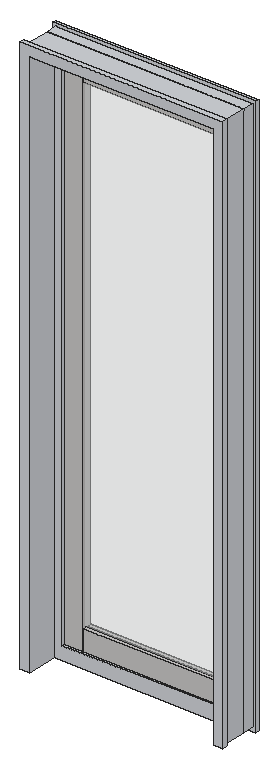
Revit family "APL Residential Thermal Heart Hinged Door Open Out", category Doors, host Wall, Revit 2017 (continued)
Definition of nested family "APL Residential Thermal Heart Hinged Door Open Out Horizontal Section"
  Definition of nested family "Open Out Jamb"
    Lines and regions (mm)
      detail lines, in view "Ref. Level", not visible
        curve 21: arc (38.539, 44.651, 0) -> (38.545, 44.752, 0) -> (38.56, 44.852, 0) r 1
        curve 22: arc (39.401, 48.942, 0) -> (39.95, 49.665, 0) -> (40.814, 49.939, 0) r 1.5
        curve 23: arc (42.039, 49.939, 0) -> (42.747, 49.646, 0) -> (43.039, 48.939, 0) r 1
        curve 24: arc (47.988, 48.439, 0) -> (48.168, 48.327, 0) -> (48.146, 48.116, 0) r 0.2
        curve 25: arc (46.796, 45.416, 0) -> (46.657, 45.31, 0) -> (46.487, 45.354, 0) r 0.2
        curve 26: line (43.039, 46.259, 0) -> (43.039, 43.539, 0)
        curve 27: line (42.839, 43.339, 0) -> (42.439, 43.339, 0)
        curve 28: line (42.439, 43.339, 0) -> (41.739, 43.339, 0)
        curve 29: line (40.739, 44.339, 0) -> (40.739, 47.344, 0)
        curve 30: line (40.739, 47.344, 0) -> (40.312, 44.702, 0)
        curve 31: line (40.312, 44.702, 0) -> (40.304, 42.421, 0)
        curve 32: line (38.539, 42.421, 0) -> (38.539, 44.651, 0)
        curve 33: line (38.56, 44.852, 0) -> (39.401, 48.942, 0)
        curve 34: line (40.944, 49.939, 0) -> (42.039, 49.939, 0)
        curve 35: line (43.039, 48.939, 0) -> (43.039, 48.439, 0)
        curve 36: line (43.039, 48.439, 0) -> (47.988, 48.439, 0)
        curve 37: line (48.146, 48.116, 0) -> (46.796, 45.416, 0)
        curve 38: line (46.487, 45.354, 0) -> (45.203, 46.459, 0)
        curve 39: arc (45.203, 46.459, 0) -> (44.221, 46.592, 0) -> (43.239, 46.459, 0) r 3.701
        curve 40: arc (48.146, 48.116, 0) -> (48.168, 48.327, 0) -> (47.988, 48.439, 0) r 0.2
      detail lines, in view "Ref. Level"
        curve 41: arc (130.406, 27.321, 0) -> (130.546, 27.011, 0) -> (130.247, 26.849, 0) r 0.25
        curve 42: arc (120.359, 26.875, 0) -> (120.059, 27.037, 0) -> (120.199, 27.348, 0) r 0.25
        curve 43: line (130.247, 26.849, 0) -> (126.379, 27.843, 0)
        curve 44: line (126.379, 27.843, 0) -> (125.8, 26.839, 0)
        curve 45: line (125.8, 26.839, 0) -> (124.8, 26.839, 0)
        curve 46: line (124.8, 26.839, 0) -> (124.208, 27.865, 0)
        curve 47: line (124.208, 27.865, 0) -> (120.359, 26.875, 0)
        curve 48: line (120.199, 27.348, 0) -> (124.3, 29.072, 0)
        curve 49: line (124.3, 29.072, 0) -> (124.3, 30.339, 0)
        curve 50: line (124.3, 30.339, 0) -> (123.05, 30.339, 0)
        curve 51: line (123.05, 30.339, 0) -> (123.05, 31.339, 0)
        curve 52: line (123.05, 31.339, 0) -> (127.55, 31.339, 0)
        curve 53: line (127.55, 31.339, 0) -> (127.55, 30.339, 0)
        curve 54: line (127.55, 30.339, 0) -> (126.3, 30.339, 0)
        curve 55: line (126.3, 30.339, 0) -> (126.3, 29.047, 0)
        curve 56: line (126.3, 29.047, 0) -> (130.406, 27.321, 0)
        curve 57: arc (49.459, 43.239, 0) -> (49.401, 43.098, 0) -> (49.259, 43.039, 0) r 0.2
        curve 58: arc (46.539, 43.039, 0) -> (46.398, 42.981, 0) -> (46.339, 42.839, 0) r 0.2
        curve 59: arc (46.339, 41.739, 0) -> (46.632, 41.032, 0) -> (47.339, 40.739, 0) r 1
        curve 60: arc (45.421, 40.304, 0) -> (44.539, 39.422, 0) -> (45.421, 38.539, 0) r 0.882
        curve 61: arc (47.651, 38.539, 0) -> (47.752, 38.545, 0) -> (47.852, 38.56, 0) r 1
        curve 62: arc (51.942, 39.401, 0) -> (52.665, 39.95, 0) -> (52.939, 40.814, 0) r 1.5
        curve 63: arc (52.939, 42.039, 0) -> (52.646, 42.747, 0) -> (51.939, 43.039, 0) r 1
        curve 64: arc (51.439, 47.988, 0) -> (51.327, 48.168, 0) -> (51.116, 48.146, 0) r 0.2
        curve 65: arc (48.416, 46.796, 0) -> (48.31, 46.657, 0) -> (48.354, 46.487, 0) r 0.2
        curve 66: line (49.259, 43.039, 0) -> (46.539, 43.039, 0)
        curve 67: line (46.339, 42.839, 0) -> (46.339, 42.439, 0)
        curve 68: line (46.339, 42.439, 0) -> (46.339, 41.739, 0)
        curve 69: line (47.339, 40.739, 0) -> (50.344, 40.739, 0)
        curve 70: line (50.344, 40.739, 0) -> (47.702, 40.312, 0)
        curve 71: line (47.702, 40.312, 0) -> (45.421, 40.304, 0)
        curve 72: line (45.421, 38.539, 0) -> (47.651, 38.539, 0)
        curve 73: line (47.852, 38.56, 0) -> (51.942, 39.401, 0)
        curve 74: line (52.939, 40.944, 0) -> (52.939, 42.039, 0)
        curve 75: line (51.939, 43.039, 0) -> (51.439, 43.039, 0)
        curve 76: line (51.439, 43.039, 0) -> (51.439, 47.988, 0)
        curve 77: line (51.116, 48.146, 0) -> (48.416, 46.796, 0)
        curve 78: line (48.354, 46.487, 0) -> (49.459, 45.203, 0)
        curve 79: arc (49.459, 45.203, 0) -> (49.592, 44.221, 0) -> (49.459, 43.239, 0) r 3.701
        curve 80: arc (51.116, 48.146, 0) -> (51.327, 48.168, 0) -> (51.439, 47.988, 0) r 0.2
    Nested families
      nested 1: "65310_Open Out Frame" at (0, 0, 0) x (0, 1, 0) z (0, 0, 1), type "65310_Open Out Frame", in view "Ref. Level"
      nested 2: "65210_Lock Stile" at (40.05, -13.461, 0) x (0, 1, 0) z (0, 0, 1), type "65210_Lock Stile", in view "Ref. Level"
    Definition of nested family "65310_Open Out Frame"
      Reference planes
        plane 1 "Center (Front/Back)": y = 0
        plane 2: z = 0
        plane 3 "Center (Left/Right)": x = 0
      Lines and regions (mm)
        model lines, in view "Ref. Level"
          curve 1: arc (25.4, 8.561, 0) -> (25.517, 8.844, 0) -> (25.8, 8.961, 0) r 0.4
          curve 2: arc (26.093, 8.961, 0) -> (26.196, 8.947, 0) -> (26.293, 8.907, 0) r 0.4
          curve 3: arc (27.821, 8.022, 0) -> (28.111, 7.902, 0) -> (28.422, 7.861, 0) r 1.2
          curve 4: arc (29.345, 7.861, 0) -> (29.918, 7.68, 0) -> (30.284, 7.203, 0) r 1
          curve 5: arc (31.077, 5.024, 0) -> (31.224, 4.833, 0) -> (31.453, 4.761, 0) r 0.4
          curve 6: arc (37.947, 4.761, 0) -> (38.176, 4.833, 0) -> (38.323, 5.024, 0) r 0.4
          curve 7: arc (39.116, 7.203, 0) -> (39.482, 7.68, 0) -> (40.055, 7.861, 0) r 1
          curve 8: arc (40.978, 7.861, 0) -> (41.289, 7.902, 0) -> (41.579, 8.022, 0) r 1.2
          curve 9: arc (43.107, 8.907, 0) -> (43.204, 8.947, 0) -> (43.307, 8.961, 0) r 0.4
          curve 10: arc (43.6, 8.961, 0) -> (43.883, 8.844, 0) -> (44, 8.561, 0) r 0.4
          curve 11: arc (44, 5.161, 0) -> (43.883, 4.878, 0) -> (43.6, 4.761, 0) r 0.4
          curve 12: arc (43.307, 4.761, 0) -> (43.204, 4.775, 0) -> (43.107, 4.815, 0) r 0.4
          curve 13: arc (41.579, 5.699, 0) -> (41.285, 5.821, 0) -> (40.97, 5.861, 0) r 1.2
          curve 14: arc (40.97, 5.861, 0) -> (40.795, 5.808, 0) -> (40.684, 5.664, 0) r 0.3
          curve 15: arc (39.796, 3.224, 0) -> (39.649, 3.033, 0) -> (39.42, 2.961, 0) r 0.4
          curve 16: arc (29.98, 2.961, 0) -> (29.751, 3.033, 0) -> (29.604, 3.224, 0) r 0.4
          curve 17: arc (28.716, 5.664, 0) -> (28.605, 5.808, 0) -> (28.43, 5.861, 0) r 0.3
          curve 18: arc (28.43, 5.861, 0) -> (28.115, 5.821, 0) -> (27.821, 5.699, 0) r 1.2
          curve 19: arc (26.293, 4.815, 0) -> (26.196, 4.775, 0) -> (26.093, 4.761, 0) r 0.4
          curve 20: arc (25.8, 4.761, 0) -> (25.517, 4.878, 0) -> (25.4, 5.161, 0) r 0.4
          curve 21: line (25.8, 8.961, 0) -> (26.093, 8.961, 0)
          curve 22: line (26.293, 8.907, 0) -> (27.821, 8.022, 0)
          curve 23: line (28.422, 7.861, 0) -> (29.345, 7.861, 0)
          curve 24: line (30.284, 7.203, 0) -> (31.077, 5.024, 0)
          curve 25: line (31.453, 4.761, 0) -> (37.947, 4.761, 0)
          curve 26: line (38.323, 5.024, 0) -> (39.116, 7.203, 0)
          curve 27: line (40.055, 7.861, 0) -> (40.978, 7.861, 0)
          curve 28: line (41.579, 8.022, 0) -> (43.107, 8.907, 0)
          curve 29: line (43.307, 8.961, 0) -> (43.6, 8.961, 0)
          curve 30: line (44, 8.561, 0) -> (44, 5.161, 0)
          curve 31: line (43.6, 4.761, 0) -> (43.307, 4.761, 0)
          curve 32: line (43.107, 4.815, 0) -> (41.579, 5.699, 0)
          curve 33: line (40.684, 5.664, 0) -> (39.796, 3.224, 0)
          curve 34: line (39.42, 2.961, 0) -> (29.98, 2.961, 0)
          curve 35: line (29.604, 3.224, 0) -> (28.716, 5.664, 0)
          curve 36: line (27.821, 5.699, 0) -> (26.293, 4.815, 0)
          curve 37: line (26.093, 4.761, 0) -> (25.8, 4.761, 0)
          curve 38: line (25.4, 5.161, 0) -> (25.4, 8.561, 0)
          curve 39: arc (50, 52.5, 0) -> (49.854, 52.854, 0) -> (49.5, 53, 0) r 0.5
          curve 40: arc (43.2, 53, 0) -> (43.059, 52.941, 0) -> (43, 52.8, 0) r 0.2
          curve 41: arc (43, 51.6, 0) -> (43.059, 51.459, 0) -> (43.2, 51.4, 0) r 0.2
          curve 42: arc (48.3, 51.4, 0) -> (48.441, 51.341, 0) -> (48.5, 51.2, 0) r 0.2
          curve 43: arc (48.5, 48.1, 0) -> (48.441, 47.959, 0) -> (48.3, 47.9, 0) r 0.2
          curve 44: arc (45, 48.65, 0) -> (44.846, 48.881, 0) -> (44.573, 48.827, 0) r 0.25
          curve 45: arc (43, 44.6, 0) -> (43.059, 44.459, 0) -> (43.2, 44.4, 0) r 0.2
          curve 46: arc (43.2, 44.4, 0) -> (43.766, 44.634, 0) -> (44, 45.2, 0) r 0.8
          curve 47: arc (46.4, 46, 0) -> (46.8, 45.6, 0) -> (47.2, 46, 0) r 0.4
          curve 48: arc (46.2, 33.5, 0) -> (46.054, 33.854, 0) -> (45.7, 34, 0) r 0.5
          curve 49: arc (44, 34, 0) -> (43.293, 33.707, 0) -> (43, 33, 0) r 1
          curve 50: arc (43, 32.9, 0) -> (43.088, 32.688, 0) -> (43.3, 32.6, 0) r 0.3
          curve 51: arc (44.858, 32.6, 0) -> (45.363, 31.878, 0) -> (46.2, 31.6, 0) r 1.4
          curve 52: arc (47.9, 31.6, 0) -> (48.041, 31.541, 0) -> (48.1, 31.4, 0) r 0.2
          curve 53: arc (48.1, 26.5, 0) -> (47.807, 25.793, 0) -> (47.1, 25.5, 0) r 1
          curve 54: arc (43.083, 25.5, 0) -> (42.778, 25.301, 0) -> (42.505, 25.543, 0) r 0.3
          curve 55: arc (42.505, 25.543, 0) -> (42.439, 25.681, 0) -> (42.313, 25.768, 0) r 0.3
          curve 56: arc (40.903, 26.282, 0) -> (40.617, 26.238, 0) -> (40.501, 25.974, 0) r 0.3
          curve 57: arc (40.708, 23.608, 0) -> (40.735, 23.508, 0) -> (40.795, 23.422, 0) r 0.3
          curve 58: arc (41.159, 23.059, 0) -> (41.352, 23.007, 0) -> (41.493, 23.148, 0) r 0.2
          curve 59: arc (41.538, 23.316, 0) -> (41.59, 23.405, 0) -> (41.679, 23.457, 0) r 0.2
          curve 60: arc (43.9, 24, 0) -> (44.18, 23.807, 0) -> (44.1, 23.476, 0) r 0.3
          curve 61: arc (44.1, 23.476, 0) -> (44.026, 23.375, 0) -> (44, 23.253, 0) r 0.3
          curve 62: arc (44.194, 19.25, 0) -> (44.158, 19.078, 0) -> (44, 19, 0) r 0.2
          curve 63: arc (43.479, 19, 0) -> (43.398, 19.011, 0) -> (43.323, 19.044, 0) r 0.3
          curve 64: arc (42.069, 19.809, 0) -> (42.072, 19.979, 0) -> (41.966, 20.111, 0) r 0.25
          curve 65: arc (41.88, 20.163, 0) -> (41.65, 20.179, 0) -> (41.505, 20, 0) r 0.25
          curve 66: arc (41.255, 20, 0) -> (41.114, 19.941, 0) -> (41.055, 19.8, 0) r 0.2
          curve 67: arc (41.055, 18.984, 0) -> (41.102, 18.772, 0) -> (41.235, 18.6, 0) r 0.5
          curve 68: arc (43.92, 16.362, 0) -> (44.053, 16.19, 0) -> (44.1, 15.978, 0) r 0.5
          curve 69: arc (44.1, 12.522, 0) -> (44.053, 12.31, 0) -> (43.92, 12.138, 0) r 0.5
          curve 70: arc (41.235, 9.9, 0) -> (41.102, 9.728, 0) -> (41.055, 9.516, 0) r 0.5
          curve 71: arc (41.055, 8.7, 0) -> (41.114, 8.559, 0) -> (41.255, 8.5, 0) r 0.2
          curve 72: arc (41.505, 8.5, 0) -> (41.65, 8.321, 0) -> (41.88, 8.337, 0) r 0.25
          curve 73: arc (41.966, 8.389, 0) -> (42.072, 8.521, 0) -> (42.069, 8.691, 0) r 0.25
          curve 74: arc (43.322, 9.456, 0) -> (43.398, 9.489, 0) -> (43.479, 9.5, 0) r 0.3
          curve 75: arc (44, 9.5, 0) -> (44.158, 9.422, 0) -> (44.194, 9.25, 0) r 0.2
          curve 76: arc (44, 5.247, 0) -> (44.026, 5.125, 0) -> (44.1, 5.024, 0) r 0.3
          curve 77: arc (44.1, 5.024, 0) -> (44.18, 4.693, 0) -> (43.9, 4.5, 0) r 0.3
          curve 78: arc (41.679, 5.043, 0) -> (41.59, 5.095, 0) -> (41.538, 5.184, 0) r 0.2
          curve 79: arc (41.493, 5.352, 0) -> (41.352, 5.493, 0) -> (41.159, 5.441, 0) r 0.2
          curve 80: arc (40.795, 5.078, 0) -> (40.735, 4.992, 0) -> (40.708, 4.892, 0) r 0.3
          curve 81: arc (40.501, 2.526, 0) -> (40.617, 2.262, 0) -> (40.903, 2.218, 0) r 0.3
          curve 82: arc (42.313, 2.732, 0) -> (42.439, 2.819, 0) -> (42.505, 2.957, 0) r 0.3
          curve 83: arc (42.505, 2.957, 0) -> (42.778, 3.199, 0) -> (43.083, 3, 0) r 0.3
          curve 84: arc (44.4, 3, 0) -> (44.541, 2.941, 0) -> (44.6, 2.8, 0) r 0.2
          curve 85: arc (44.6, 1.3, 0) -> (44.981, 0.381, 0) -> (45.9, 0, 0) r 1.3
          curve 86: arc (55.35, 0, 0) -> (56, 0.65, 0) -> (55.35, 1.3, 0) r 0.65
          curve 87: arc (46, 23.1, 0) -> (46.146, 23.454, 0) -> (46.5, 23.6, 0) r 0.5
          curve 88: arc (48.1, 23.6, 0) -> (48.454, 23.454, 0) -> (48.6, 23.1, 0) r 0.5
          curve 89: arc (48.6, 21.2, 0) -> (48.746, 20.846, 0) -> (49.1, 20.7, 0) r 0.5
          curve 90: arc (49.5, 20.7, 0) -> (49.854, 20.846, 0) -> (50, 21.2, 0) r 0.5
          curve 91: line (49.5, 53, 0) -> (43.2, 53, 0)
          curve 92: line (43, 52.8, 0) -> (43, 51.6, 0)
          curve 93: line (43.2, 51.4, 0) -> (48.3, 51.4, 0)
          curve 94: line (48.5, 51.2, 0) -> (48.5, 48.1, 0)
          curve 95: line (48.3, 47.9, 0) -> (45, 47.9, 0)
          curve 96: line (45, 47.9, 0) -> (45, 48.65, 0)
          curve 97: line (44.573, 48.827, 0) -> (43.059, 47.312, 0)
          curve 98: line (43.059, 47.312, 0) -> (43, 44.6, 0)
          curve 99: line (44, 45.2, 0) -> (44, 46.5, 0)
          curve 100: line (44, 46.5, 0) -> (46.4, 46.5, 0)
          curve 101: line (46.4, 46.5, 0) -> (46.4, 46, 0)
          curve 102: line (47.2, 46, 0) -> (47.2, 46.5, 0)
          curve 103: line (47.2, 46.5, 0) -> (48.5, 46.5, 0)
          curve 104: line (48.5, 46.5, 0) -> (48.5, 33, 0)
          curve 105: line (48.5, 33, 0) -> (46.2, 33, 0)
          curve 106: line (46.2, 33, 0) -> (46.2, 33.5, 0)
          curve 107: line (45.7, 34, 0) -> (44, 34, 0)
          curve 108: line (43.3, 32.6, 0) -> (44.858, 32.6, 0)
          curve 109: line (46.2, 31.6, 0) -> (47.9, 31.6, 0)
          curve 110: line (48.1, 31.4, 0) -> (48.1, 26.5, 0)
          curve 111: line (47.1, 25.5, 0) -> (43.083, 25.5, 0)
          curve 112: line (42.313, 25.768, 0) -> (40.903, 26.282, 0)
          curve 113: line (40.501, 25.974, 0) -> (40.708, 23.608, 0)
          curve 114: line (40.795, 23.422, 0) -> (41.159, 23.059, 0)
          curve 115: line (41.493, 23.148, 0) -> (41.538, 23.316, 0)
          curve 116: line (41.538, 23.316, 0) -> (43.668, 23.99, 0)
          curve 117: line (43.668, 23.99, 0) -> (43.9, 24, 0)
          curve 118: line (44, 23.253, 0) -> (44, 20.025, 0)
          curve 119: line (44, 20.025, 0) -> (44.194, 19.25, 0)
          curve 120: line (44, 19, 0) -> (43.479, 19, 0)
          curve 121: line (43.479, 19, 0) -> (42.069, 19.809, 0)
          curve 122: line (41.505, 20, 0) -> (41.255, 20, 0)
          curve 123: line (41.055, 19.8, 0) -> (41.055, 18.984, 0)
          curve 124: line (41.235, 18.6, 0) -> (43.92, 16.362, 0)
          curve 125: line (44.1, 15.978, 0) -> (44.1, 12.522, 0)
          curve 126: line (43.92, 12.138, 0) -> (41.235, 9.9, 0)
          curve 127: line (41.055, 9.516, 0) -> (41.055, 8.7, 0)
          curve 128: line (41.255, 8.5, 0) -> (41.505, 8.5, 0)
          curve 129: line (42.069, 8.691, 0) -> (43.322, 9.456, 0)
          curve 130: line (43.322, 9.456, 0) -> (44, 9.5, 0)
          curve 131: line (44.194, 9.25, 0) -> (44.006, 8.525, 0)
          curve 132: line (44.006, 8.525, 0) -> (44, 5.247, 0)
          curve 133: line (43.746, 4.5, 0) -> (41.679, 5.043, 0)
          curve 134: line (41.679, 5.043, 0) -> (41.493, 5.352, 0)
          curve 135: line (41.159, 5.441, 0) -> (40.795, 5.078, 0)
          curve 136: line (40.708, 4.892, 0) -> (40.501, 2.526, 0)
          curve 137: line (40.903, 2.218, 0) -> (42.313, 2.732, 0)
          curve 138: line (43.083, 3, 0) -> (44.4, 3, 0)
          curve 139: line (44.6, 2.8, 0) -> (44.6, 1.3, 0)
          curve 140: line (45.9, 0, 0) -> (47.7, 0, 0)
          curve 141: line (47.7, 0, 0) -> (48, 0.3, 0)
          curve 142: line (48, 0.3, 0) -> (53.25, 0.3, 0)
          curve 143: line (53.25, 0.3, 0) -> (53.55, 0, 0)
          curve 144: line (53.55, 0, 0) -> (55.35, 0, 0)
          curve 145: line (55.35, 1.3, 0) -> (46, 1.3, 0)
          curve 146: line (46, 1.3, 0) -> (46, 23.1, 0)
          curve 147: line (46.5, 23.6, 0) -> (48.1, 23.6, 0)
          curve 148: line (48.6, 23.1, 0) -> (48.6, 21.2, 0)
          curve 149: line (49.1, 20.7, 0) -> (49.5, 20.7, 0)
          curve 150: line (50, 21.2, 0) -> (50, 52.5, 0)
          curve 151: arc (-4.1, 23.1, 0) -> (-4.241, 23.159, 0) -> (-4.3, 23.3, 0) r 0.2
          curve 152: arc (-4.3, 23.9, 0) -> (-4.359, 24.041, 0) -> (-4.5, 24.1, 0) r 0.2
          curve 153: arc (-4.875, 24.1, 0) -> (-5.496, 24.182, 0) -> (-6.075, 24.422, 0) r 2.4
          curve 154: arc (-13.9, 27.9, 0) -> (-14.041, 27.841, 0) -> (-14.1, 27.7, 0) r 0.2
          curve 155: arc (-14.1, -0.131, 0) -> (-13.951, -0.808, 0) -> (-13.528, -1.359, 0) r 1.6
          curve 156: arc (-7.044, -6.8, 0) -> (-6.701, -6.916, 0) -> (-6.369, -6.77, 0) r 0.5
          curve 157: arc (-1.693, -2.094, 0) -> (-1.476, -1.769, 0) -> (-1.4, -1.386, 0) r 1
          curve 158: arc (-1.4, 3.2, 0) -> (-0.844, 4.544, 0) -> (0.5, 5.1, 0) r 1.9
          curve 159: arc (23.3, 5.1, 0) -> (23.441, 5.159, 0) -> (23.5, 5.3, 0) r 0.2
          curve 160: arc (23.5, 16.1, 0) -> (23.441, 16.241, 0) -> (23.3, 16.3, 0) r 0.2
          curve 161: arc (18.3, 16.3, 0) -> (18.159, 16.359, 0) -> (18.1, 16.5, 0) r 0.2
          curve 162: arc (18.1, 17.7, 0) -> (18.159, 17.841, 0) -> (18.3, 17.9, 0) r 0.2
          curve 163: arc (23.3, 17.9, 0) -> (23.441, 17.959, 0) -> (23.5, 18.1, 0) r 0.2
          curve 164: arc (23.5, 23.9, 0) -> (23.441, 24.041, 0) -> (23.3, 24.1, 0) r 0.2
          curve 165: arc (16.301, 24.1, 0) -> (16.159, 24.042, 0) -> (16.1, 23.9, 0) r 0.2
          curve 166: arc (16.1, 23.3, 0) -> (16.041, 23.159, 0) -> (15.9, 23.1, 0) r 0.2
          curve 167: arc (11.3, 23.1, 0) -> (11.159, 23.159, 0) -> (11.1, 23.3, 0) r 0.2
          curve 168: arc (11.1, 23.9, 0) -> (11.041, 24.041, 0) -> (10.9, 24.1, 0) r 0.2
          curve 169: arc (2.7, 24.1, 0) -> (2.559, 24.041, 0) -> (2.5, 23.9, 0) r 0.2
          curve 170: arc (2.5, 16.5, 0) -> (2.441, 16.359, 0) -> (2.3, 16.3, 0) r 0.2
          curve 171: arc (1.3, 16.3, 0) -> (1.159, 16.359, 0) -> (1.1, 16.5, 0) r 0.2
          curve 172: arc (1.1, 22.9, 0) -> (1.041, 23.041, 0) -> (0.9, 23.1, 0) r 0.2
          curve 173: arc (26.317, 25.5, 0) -> (26.622, 25.301, 0) -> (26.895, 25.543, 0) r 0.3
          curve 174: arc (26.895, 25.543, 0) -> (26.961, 25.681, 0) -> (27.087, 25.768, 0) r 0.3
          curve 175: arc (28.497, 26.282, 0) -> (28.783, 26.238, 0) -> (28.899, 25.974, 0) r 0.3
          curve 176: arc (28.692, 23.608, 0) -> (28.665, 23.508, 0) -> (28.605, 23.422, 0) r 0.3
          curve 177: arc (28.241, 23.059, 0) -> (28.048, 23.007, 0) -> (27.907, 23.148, 0) r 0.2
          curve 178: arc (27.862, 23.316, 0) -> (27.81, 23.405, 0) -> (27.721, 23.457, 0) r 0.2
          curve 179: arc (25.5, 24, 0) -> (25.22, 23.807, 0) -> (25.3, 23.476, 0) r 0.3
          curve 180: arc (25.3, 23.476, 0) -> (25.374, 23.375, 0) -> (25.4, 23.253, 0) r 0.3
          curve 181: arc (25.206, 19.25, 0) -> (25.242, 19.078, 0) -> (25.4, 19, 0) r 0.2
          curve 182: arc (25.921, 19, 0) -> (26.002, 19.011, 0) -> (26.077, 19.044, 0) r 0.3
          curve 183: arc (27.331, 19.809, 0) -> (27.328, 19.979, 0) -> (27.434, 20.111, 0) r 0.25
          curve 184: arc (27.52, 20.163, 0) -> (27.75, 20.179, 0) -> (27.895, 20, 0) r 0.25
          curve 185: arc (28.145, 20, 0) -> (28.286, 19.941, 0) -> (28.345, 19.8, 0) r 0.2
          curve 186: arc (28.345, 18.984, 0) -> (28.298, 18.772, 0) -> (28.165, 18.6, 0) r 0.5
          curve 187: arc (25.58, 16.446, 0) -> (25.447, 16.274, 0) -> (25.4, 16.062, 0) r 0.5
          curve 188: arc (25.4, 12.438, 0) -> (25.447, 12.226, 0) -> (25.58, 12.054, 0) r 0.5
          curve 189: arc (28.165, 9.9, 0) -> (28.298, 9.728, 0) -> (28.345, 9.516, 0) r 0.5
          curve 190: arc (28.345, 8.7, 0) -> (28.286, 8.559, 0) -> (28.145, 8.5, 0) r 0.2
          curve 191: arc (27.895, 8.5, 0) -> (27.75, 8.321, 0) -> (27.52, 8.337, 0) r 0.25
          curve 192: arc (27.434, 8.389, 0) -> (27.328, 8.521, 0) -> (27.331, 8.691, 0) r 0.25
          curve 193: arc (26.078, 9.456, 0) -> (26.002, 9.489, 0) -> (25.921, 9.5, 0) r 0.3
          curve 194: arc (25.4, 9.5, 0) -> (25.242, 9.422, 0) -> (25.206, 9.25, 0) r 0.2
          curve 195: arc (25.4, 5.247, 0) -> (25.374, 5.125, 0) -> (25.3, 5.024, 0) r 0.3
          curve 196: arc (25.3, 5.024, 0) -> (25.22, 4.693, 0) -> (25.5, 4.5, 0) r 0.3
          curve 197: arc (27.721, 5.043, 0) -> (27.81, 5.095, 0) -> (27.862, 5.184, 0) r 0.2
          curve 198: arc (27.907, 5.352, 0) -> (28.048, 5.493, 0) -> (28.241, 5.441, 0) r 0.2
          curve 199: arc (28.605, 5.078, 0) -> (28.665, 4.992, 0) -> (28.692, 4.892, 0) r 0.3
          curve 200: arc (28.899, 2.526, 0) -> (28.783, 2.262, 0) -> (28.497, 2.218, 0) r 0.3
          curve 201: arc (27.087, 2.732, 0) -> (26.961, 2.819, 0) -> (26.895, 2.957, 0) r 0.3
          curve 202: arc (26.895, 2.957, 0) -> (26.622, 3.199, 0) -> (26.317, 3, 0) r 0.3
          curve 203: arc (24, 3, 0) -> (23.704, 3.097, 0) -> (23.523, 3.35, 0) r 0.5
          curve 204: arc (23.523, 3.35, 0) -> (23.342, 3.603, 0) -> (23.046, 3.7, 0) r 0.5
          curve 205: arc (0.5, 3.7, 0) -> (0.146, 3.554, 0) -> (0, 3.2, 0) r 0.5
          curve 206: arc (0, -1.801, 0) -> (-0.107, -2.336, 0) -> (-0.41, -2.791, 0) r 1.4
          curve 207: arc (-5.407, -7.787, 0) -> (-5.624, -8.112, 0) -> (-5.7, -8.495, 0) r 1
          curve 208: arc (-5.7, -14.159, 0) -> (-5.623, -14.316, 0) -> (-5.452, -14.353, 0) r 0.2
          curve 209: arc (-5.452, -14.353, 0) -> (-4.643, -14.677, 0) -> (-4.687, -15.548, 0) r 0.75
          curve 210: arc (-4.687, -15.548, 0) -> (-5.025, -16.505, 0) -> (-4.687, -17.462, 0) r 1.525
          curve 211: arc (-4.687, -17.462, 0) -> (-4.594, -17.613, 0) -> (-4.539, -17.781, 0) r 0.75
          curve 212: arc (-4.539, -17.781, 0) -> (-4.442, -17.992, 0) -> (-4.26, -18.136, 0) r 0.5
          curve 213: arc (-4.26, -18.136, 0) -> (-3.5, -18.305, 0) -> (-2.74, -18.137, 0) r 1.8
          curve 214: arc (-2.74, -18.137, 0) -> (-2.558, -17.992, 0) -> (-2.461, -17.78, 0) r 0.5
          curve 215: arc (-2.461, -17.78, 0) -> (-2.406, -17.612, 0) -> (-2.312, -17.461, 0) r 0.737
          curve 216: arc (-2.312, -17.461, 0) -> (-1.975, -16.505, 0) -> (-2.312, -15.549, 0) r 1.525
          curve 217: arc (-2.312, -15.549, 0) -> (-2.2, -14.512, 0) -> (-1.163, -14.624, 0) r 0.737
          curve 218: arc (-1.163, -14.624, 0) -> (-0.507, -16.296, 0) -> (-0.924, -18.044, 0) r 3
          curve 219: arc (-0.924, -18.044, 0) -> (-0.93, -18.547, 0) -> (-0.495, -18.8, 0) r 0.5
          curve 220: arc (-0.2, -18.8, 0) -> (-0.059, -18.859, 0) -> (0, -19, 0) r 0.2
          curve 221: arc (0, -19.8, 0) -> (-0.059, -19.941, 0) -> (-0.2, -20, 0) r 0.2
          curve 222: arc (-6, -20, 0) -> (-6.707, -19.707, 0) -> (-7, -19, 0) r 1
          curve 223: arc (-7, -10.063, 0) -> (-7.281, -8.795, 0) -> (-8.072, -7.765, 0) r 3
          curve 224: arc (-14.428, -2.431, 0) -> (-15.219, -1.401, 0) -> (-15.5, -0.133, 0) r 3
          curve 225: arc (-15.5, 33, 0) -> (-15.207, 33.707, 0) -> (-14.5, 34, 0) r 1
          curve 226: arc (-12.1, 34, 0) -> (-11.393, 33.707, 0) -> (-11.1, 33, 0) r 1
          curve 227: arc (-11.1, 32.9, 0) -> (-11.188, 32.688, 0) -> (-11.4, 32.6, 0) r 0.3
          curve 228: arc (-12.1, 29.3, 0) -> (-11.738, 29.252, 0) -> (-11.4, 29.112, 0) r 1.4
          curve 229: arc (-5.375, 25.634, 0) -> (-5.134, 25.534, 0) -> (-4.875, 25.5, 0) r 1
          curve 230: line (0.9, 23.1, 0) -> (-4.1, 23.1, 0)
          curve 231: line (-4.3, 23.3, 0) -> (-4.3, 23.9, 0)
          curve 232: line (-4.5, 24.1, 0) -> (-4.875, 24.1, 0)
          curve 233: line (-6.075, 24.422, 0) -> (-12.054, 27.873, 0)
          curve 234: line (-12.054, 27.873, 0) -> (-13.9, 27.9, 0)
          curve 235: line (-14.1, 27.7, 0) -> (-14.1, -0.131, 0)
          curve 236: line (-13.528, -1.359, 0) -> (-7.044, -6.8, 0)
          curve 237: line (-6.369, -6.77, 0) -> (-1.693, -2.094, 0)
          curve 238: line (-1.4, -1.386, 0) -> (-1.4, 3.2, 0)
          curve 239: line (0.5, 5.1, 0) -> (23.3, 5.1, 0)
          curve 240: line (23.5, 5.3, 0) -> (23.5, 16.1, 0)
          curve 241: line (23.3, 16.3, 0) -> (18.3, 16.3, 0)
          curve 242: line (18.1, 16.5, 0) -> (18.1, 17.7, 0)
          curve 243: line (18.3, 17.9, 0) -> (23.3, 17.9, 0)
          curve 244: line (23.5, 18.1, 0) -> (23.5, 23.9, 0)
          curve 245: line (23.3, 24.1, 0) -> (16.301, 24.1, 0)
          curve 246: line (16.1, 23.9, 0) -> (16.1, 23.3, 0)
          curve 247: line (15.9, 23.1, 0) -> (11.3, 23.1, 0)
          curve 248: line (11.1, 23.3, 0) -> (11.1, 23.9, 0)
          curve 249: line (10.9, 24.1, 0) -> (2.7, 24.1, 0)
          curve 250: line (2.5, 23.9, 0) -> (2.5, 16.5, 0)
          curve 251: line (2.3, 16.3, 0) -> (1.3, 16.3, 0)
          curve 252: line (1.1, 16.5, 0) -> (1.1, 22.9, 0)
          curve 253: line (27.087, 25.768, 0) -> (28.497, 26.282, 0)
          curve 254: line (28.899, 25.974, 0) -> (28.692, 23.608, 0)
          curve 255: line (28.605, 23.422, 0) -> (28.241, 23.059, 0)
          curve 256: line (27.907, 23.148, 0) -> (27.862, 23.316, 0)
          curve 257: line (27.862, 23.316, 0) -> (25.732, 23.99, 0)
          curve 258: line (25.732, 23.99, 0) -> (25.5, 24, 0)
          curve 259: line (25.4, 23.253, 0) -> (25.4, 20.025, 0)
          curve 260: line (25.4, 20.025, 0) -> (25.206, 19.25, 0)
          curve 261: line (25.4, 19, 0) -> (25.921, 19, 0)
          curve 262: line (25.921, 19, 0) -> (27.331, 19.809, 0)
          curve 263: line (27.895, 20, 0) -> (28.145, 20, 0)
          curve 264: line (28.345, 19.8, 0) -> (28.345, 18.984, 0)
          curve 265: line (28.165, 18.6, 0) -> (25.58, 16.446, 0)
          curve 266: line (25.4, 16.062, 0) -> (25.4, 12.438, 0)
          curve 267: line (25.58, 12.054, 0) -> (28.165, 9.9, 0)
          curve 268: line (28.345, 9.516, 0) -> (28.345, 8.7, 0)
          curve 269: line (28.145, 8.5, 0) -> (27.895, 8.5, 0)
          curve 270: line (27.331, 8.691, 0) -> (26.078, 9.456, 0)
          curve 271: line (26.078, 9.456, 0) -> (25.4, 9.5, 0)
          curve 272: line (25.206, 9.25, 0) -> (25.394, 8.525, 0)
          curve 273: line (25.394, 8.525, 0) -> (25.4, 5.247, 0)
          curve 274: line (25.654, 4.5, 0) -> (27.721, 5.043, 0)
          curve 275: line (27.721, 5.043, 0) -> (27.907, 5.352, 0)
          curve 276: line (28.241, 5.441, 0) -> (28.605, 5.078, 0)
          curve 277: line (28.692, 4.892, 0) -> (28.899, 2.526, 0)
          curve 278: line (28.497, 2.218, 0) -> (27.087, 2.732, 0)
          curve 279: line (26.317, 3, 0) -> (24, 3, 0)
          curve 280: line (23.046, 3.7, 0) -> (17.783, 3.7, 0)
          curve 281: line (17.783, 3.7, 0) -> (17.559, 3.559, 0)
          curve 282: line (17.559, 3.559, 0) -> (12.4, 3.5, 0)
          curve 283: line (12.4, 3.5, 0) -> (12, 3.9, 0)
          curve 284: line (12, 3.9, 0) -> (11.6, 3.5, 0)
          curve 285: line (11.6, 3.5, 0) -> (6.583, 3.5, 0)
          curve 286: line (6.583, 3.5, 0) -> (6.359, 3.641, 0)
          curve 287: line (6.359, 3.641, 0) -> (0.5, 3.7, 0)
          curve 288: line (0, 3.2, 0) -> (0, -1.801, 0)
          curve 289: line (-0.41, -2.791, 0) -> (-5.407, -7.787, 0)
          curve 290: line (-5.7, -8.495, 0) -> (-5.7, -14.159, 0)
          curve 291: line (-0.495, -18.8, 0) -> (-0.2, -18.8, 0)
          curve 292: line (0, -19, 0) -> (0, -19.8, 0)
          curve 293: line (-0.2, -20, 0) -> (-6, -20, 0)
          curve 294: line (-7, -19, 0) -> (-7, -10.063, 0)
          curve 295: line (-8.072, -7.765, 0) -> (-14.428, -2.431, 0)
          curve 296: line (-15.5, -0.133, 0) -> (-15.5, 33, 0)
          curve 297: line (-14.5, 34, 0) -> (-12.1, 34, 0)
          curve 298: line (-11.4, 32.6, 0) -> (-14.1, 32.6, 0)
          curve 299: line (-14.1, 32.6, 0) -> (-14.1, 29.3, 0)
          curve 300: line (-14.1, 29.3, 0) -> (-12.1, 29.3, 0)
          curve 301: line (-11.4, 29.112, 0) -> (-5.375, 25.634, 0)
          curve 302: line (-4.875, 25.5, 0) -> (-2, 25.5, 0)
          curve 303: line (-2, 25.5, 0) -> (-1.6, 25.1, 0)
          curve 304: line (-1.6, 25.1, 0) -> (-1.2, 25.5, 0)
          curve 305: line (-1.2, 25.5, 0) -> (4.1, 25.5, 0)
          curve 306: line (4.1, 25.5, 0) -> (4.5, 25.1, 0)
          curve 307: line (4.5, 25.1, 0) -> (4.9, 25.5, 0)
          curve 308: line (4.9, 25.5, 0) -> (26.317, 25.5, 0)
          curve 309: arc (25.4, 19.939, 0) -> (25.517, 19.656, 0) -> (25.8, 19.539, 0) r 0.4
          curve 310: arc (26.093, 19.539, 0) -> (26.196, 19.553, 0) -> (26.293, 19.593, 0) r 0.4
          curve 311: arc (27.821, 20.478, 0) -> (28.111, 20.598, 0) -> (28.422, 20.639, 0) r 1.2
          curve 312: arc (29.345, 20.639, 0) -> (29.918, 20.82, 0) -> (30.284, 21.297, 0) r 1
          curve 313: arc (31.077, 23.476, 0) -> (31.224, 23.667, 0) -> (31.453, 23.739, 0) r 0.4
          curve 314: arc (37.947, 23.739, 0) -> (38.176, 23.667, 0) -> (38.323, 23.476, 0) r 0.4
          curve 315: arc (39.116, 21.297, 0) -> (39.482, 20.82, 0) -> (40.055, 20.639, 0) r 1
          curve 316: arc (40.978, 20.639, 0) -> (41.289, 20.598, 0) -> (41.579, 20.478, 0) r 1.2
          curve 317: arc (43.107, 19.593, 0) -> (43.204, 19.553, 0) -> (43.307, 19.539, 0) r 0.4
          curve 318: arc (43.6, 19.539, 0) -> (43.883, 19.656, 0) -> (44, 19.939, 0) r 0.4
          curve 319: arc (44, 23.339, 0) -> (43.883, 23.622, 0) -> (43.6, 23.739, 0) r 0.4
          curve 320: arc (43.307, 23.739, 0) -> (43.204, 23.725, 0) -> (43.107, 23.685, 0) r 0.4
          curve 321: arc (41.579, 22.801, 0) -> (41.285, 22.679, 0) -> (40.97, 22.639, 0) r 1.2
          curve 322: arc (40.97, 22.639, 0) -> (40.795, 22.692, 0) -> (40.684, 22.836, 0) r 0.3
          curve 323: arc (39.796, 25.276, 0) -> (39.649, 25.467, 0) -> (39.42, 25.539, 0) r 0.4
          curve 324: arc (29.98, 25.539, 0) -> (29.751, 25.467, 0) -> (29.604, 25.276, 0) r 0.4
          curve 325: arc (28.716, 22.836, 0) -> (28.605, 22.692, 0) -> (28.43, 22.639, 0) r 0.3
          curve 326: arc (28.43, 22.639, 0) -> (28.115, 22.679, 0) -> (27.821, 22.801, 0) r 1.2
          curve 327: arc (26.293, 23.685, 0) -> (26.196, 23.725, 0) -> (26.093, 23.739, 0) r 0.4
          curve 328: arc (25.8, 23.739, 0) -> (25.517, 23.622, 0) -> (25.4, 23.339, 0) r 0.4
          curve 329: line (25.8, 19.539, 0) -> (26.093, 19.539, 0)
          curve 330: line (26.293, 19.593, 0) -> (27.821, 20.478, 0)
          curve 331: line (28.422, 20.639, 0) -> (29.345, 20.639, 0)
          curve 332: line (30.284, 21.297, 0) -> (31.077, 23.476, 0)
          curve 333: line (31.453, 23.739, 0) -> (37.947, 23.739, 0)
          curve 334: line (38.323, 23.476, 0) -> (39.116, 21.297, 0)
          curve 335: line (40.055, 20.639, 0) -> (40.978, 20.639, 0)
          curve 336: line (41.579, 20.478, 0) -> (43.107, 19.593, 0)
          curve 337: line (43.307, 19.539, 0) -> (43.6, 19.539, 0)
          curve 338: line (44, 19.939, 0) -> (44, 23.339, 0)
          curve 339: line (43.6, 23.739, 0) -> (43.307, 23.739, 0)
          curve 340: line (43.107, 23.685, 0) -> (41.579, 22.801, 0)
          curve 341: line (40.684, 22.836, 0) -> (39.796, 25.276, 0)
          curve 342: line (39.42, 25.539, 0) -> (29.98, 25.539, 0)
          curve 343: line (29.604, 25.276, 0) -> (28.716, 22.836, 0)
          curve 344: line (27.821, 22.801, 0) -> (26.293, 23.685, 0)
          curve 345: line (26.093, 23.739, 0) -> (25.8, 23.739, 0)
          curve 346: line (25.4, 23.339, 0) -> (25.4, 19.939, 0)
      Text (mm)
        text "65310" at (6.108, 51.612, 0), in view "Ref. Level"
    Definition of nested family "65210_Lock Stile"
      Reference planes
        plane 1 "Center (Front/Back)": y = 0
        plane 2: z = 0
        plane 3 "Center (Left/Right)": x = 0
      Lines and regions (mm)
        model lines, in view "Ref. Level"
          curve 1: arc (27.4, 64.45, 0) -> (27.272, 64.668, 0) -> (27.019, 64.663, 0) r 0.25
          curve 2: arc (26.934, 64.611, 0) -> (26.828, 64.479, 0) -> (26.831, 64.309, 0) r 0.25
          curve 3: arc (25.577, 63.544, 0) -> (25.502, 63.511, 0) -> (25.421, 63.5, 0) r 0.3
          curve 4: arc (24.9, 63.5, 0) -> (24.742, 63.578, 0) -> (24.706, 63.75, 0) r 0.2
          curve 5: arc (24.9, 67.753, 0) -> (24.874, 67.875, 0) -> (24.8, 67.976, 0) r 0.3
          curve 6: arc (24.8, 67.976, 0) -> (24.72, 68.307, 0) -> (25, 68.5, 0) r 0.3
          curve 7: arc (27.221, 67.957, 0) -> (27.31, 67.905, 0) -> (27.362, 67.816, 0) r 0.2
          curve 8: arc (27.407, 67.648, 0) -> (27.548, 67.507, 0) -> (27.741, 67.559, 0) r 0.2
          curve 9: arc (28.105, 67.922, 0) -> (28.165, 68.008, 0) -> (28.192, 68.108, 0) r 0.3
          curve 10: arc (28.399, 70.474, 0) -> (28.283, 70.738, 0) -> (27.997, 70.782, 0) r 0.3
          curve 11: arc (26.587, 70.268, 0) -> (26.461, 70.181, 0) -> (26.395, 70.043, 0) r 0.3
          curve 12: arc (26.395, 70.043, 0) -> (26.122, 69.801, 0) -> (25.817, 70, 0) r 0.3
          curve 13: arc (24.003, 70, 0) -> (23.295, 69.707, 0) -> (23.003, 69, 0) r 1
          curve 14: arc (23.003, 63.28, 0) -> (22.944, 63.139, 0) -> (22.803, 63.08, 0) r 0.2
          curve 15: arc (17.703, 63.08, 0) -> (17.561, 63.139, 0) -> (17.503, 63.28, 0) r 0.2
          curve 16: arc (17.503, 69, 0) -> (17.21, 69.707, 0) -> (16.503, 70, 0) r 1
          curve 17: arc (9.5, 70, 0) -> (9.359, 69.941, 0) -> (9.3, 69.8, 0) r 0.2
          curve 18: arc (9.3, 69.5, 0) -> (9.38, 69.2, 0) -> (9.6, 68.98, 0) r 0.6
          curve 19: arc (10.7, 68.345, 0) -> (10.773, 68.272, 0) -> (10.8, 68.172, 0) r 0.2
          curve 20: arc (10.8, 64.08, 0) -> (10.507, 63.373, 0) -> (9.8, 63.08, 0) r 1
          curve 21: arc (2.42, 63.08, 0) -> (1.721, 63.366, 0) -> (1.421, 64.06, 0) r 1
          curve 22: arc (1.322, 68.935, 0) -> (1.357, 69.052, 0) -> (1.453, 69.127, 0) r 0.2
          curve 23: arc (1.453, 69.127, 0) -> (1.621, 69.234, 0) -> (1.725, 69.403, 0) r 0.45
          curve 24: arc (1.725, 69.403, 0) -> (1.729, 69.522, 0) -> (1.665, 69.621, 0) r 0.2
          curve 25: arc (0.2, 70, 0) -> (0.059, 69.941, 0) -> (0, 69.8, 0) r 0.2
          curve 26: arc (0, 0.501, 0) -> (0.146, 0.147, 0) -> (0.5, 0, 0) r 0.5
          curve 27: arc (1, 0, 0) -> (1.354, 0.146, 0) -> (1.5, 0.5, 0) r 0.5
          curve 28: arc (1.5, 2.8, 0) -> (1.559, 2.941, 0) -> (1.7, 3, 0) r 0.2
          curve 29: arc (31.817, 3, 0) -> (32.122, 3.199, 0) -> (32.395, 2.957, 0) r 0.3
          curve 30: arc (32.395, 2.957, 0) -> (32.461, 2.819, 0) -> (32.587, 2.732, 0) r 0.3
          curve 31: arc (33.997, 2.218, 0) -> (34.283, 2.262, 0) -> (34.399, 2.526, 0) r 0.3
          curve 32: arc (34.192, 4.892, 0) -> (34.165, 4.992, 0) -> (34.105, 5.078, 0) r 0.3
          curve 33: arc (33.741, 5.441, 0) -> (33.548, 5.493, 0) -> (33.407, 5.352, 0) r 0.2
          curve 34: arc (33.362, 5.184, 0) -> (33.31, 5.095, 0) -> (33.221, 5.043, 0) r 0.2
          curve 35: arc (31, 4.5, 0) -> (30.72, 4.693, 0) -> (30.8, 5.024, 0) r 0.3
          curve 36: arc (30.8, 5.024, 0) -> (30.874, 5.125, 0) -> (30.9, 5.247, 0) r 0.3
          curve 37: arc (30.706, 9.25, 0) -> (30.742, 9.422, 0) -> (30.9, 9.5, 0) r 0.2
          curve 38: arc (31.421, 9.5, 0) -> (31.502, 9.489, 0) -> (31.577, 9.456, 0) r 0.3
          curve 39: arc (32.831, 8.691, 0) -> (32.828, 8.521, 0) -> (32.934, 8.389, 0) r 0.25
          curve 40: arc (33.02, 8.337, 0) -> (33.272, 8.332, 0) -> (33.4, 8.55, 0) r 0.25
          curve 41: arc (33.4, 11.2, 0) -> (33.341, 11.341, 0) -> (33.2, 11.4, 0) r 0.2
          curve 42: arc (30, 11.4, 0) -> (29.293, 11.107, 0) -> (29, 10.4, 0) r 1
          curve 43: arc (2.1, 4.6, 0) -> (1.746, 4.746, 0) -> (1.6, 5.1, 0) r 0.5
          curve 44: arc (1.6, 60.98, 0) -> (1.746, 61.334, 0) -> (2.1, 61.48, 0) r 0.5
          curve 45: arc (9.8, 61.48, 0) -> (11.638, 62.242, 0) -> (12.4, 64.08, 0) r 2.6
          curve 46: arc (12.4, 68.2, 0) -> (12.459, 68.341, 0) -> (12.6, 68.4, 0) r 0.2
          curve 47: arc (15.703, 68.4, 0) -> (15.844, 68.341, 0) -> (15.903, 68.2, 0) r 0.2
          curve 48: arc (15.903, 62, 0) -> (16.049, 61.646, 0) -> (16.403, 61.5, 0) r 0.5
          curve 49: arc (27.2, 61.5, 0) -> (27.341, 61.559, 0) -> (27.4, 61.7, 0) r 0.2
          curve 50: line (26.831, 64.309, 0) -> (25.577, 63.544, 0)
          curve 51: line (25.577, 63.544, 0) -> (24.9, 63.5, 0)
          curve 52: line (24.706, 63.75, 0) -> (24.894, 64.475, 0)
          curve 53: line (24.894, 64.475, 0) -> (24.9, 67.753, 0)
          curve 54: line (25.154, 68.5, 0) -> (27.221, 67.957, 0)
          curve 55: line (27.221, 67.957, 0) -> (27.407, 67.648, 0)
          curve 56: line (27.741, 67.559, 0) -> (28.105, 67.922, 0)
          curve 57: line (28.192, 68.108, 0) -> (28.399, 70.474, 0)
          curve 58: line (27.997, 70.782, 0) -> (26.587, 70.268, 0)
          curve 59: line (25.817, 70, 0) -> (24.003, 70, 0)
          curve 60: line (23.003, 69, 0) -> (23.003, 63.28, 0)
          curve 61: line (22.803, 63.08, 0) -> (17.703, 63.08, 0)
          curve 62: line (17.503, 63.28, 0) -> (17.503, 69, 0)
          curve 63: line (16.503, 70, 0) -> (9.5, 70, 0)
          curve 64: line (9.3, 69.8, 0) -> (9.3, 69.5, 0)
          curve 65: line (9.6, 68.98, 0) -> (10.7, 68.345, 0)
          curve 66: line (10.8, 68.172, 0) -> (10.8, 64.08, 0)
          curve 67: line (9.8, 63.08, 0) -> (2.42, 63.08, 0)
          curve 68: line (1.421, 64.06, 0) -> (1.322, 68.935, 0)
          curve 69: line (1.665, 69.621, 0) -> (1.269, 69.953, 0)
          curve 70: line (1.269, 69.953, 0) -> (0.2, 70, 0)
          curve 71: line (0, 69.8, 0) -> (0, 0.501, 0)
          curve 72: line (0.5, 0, 0) -> (1, 0, 0)
          curve 73: line (1.5, 0.5, 0) -> (1.5, 2.8, 0)
          curve 74: line (1.7, 3, 0) -> (17.6, 3, 0)
          curve 75: line (17.6, 3, 0) -> (18, 3.4, 0)
          curve 76: line (18, 3.4, 0) -> (18.4, 3, 0)
          curve 77: line (18.4, 3, 0) -> (19.6, 3, 0)
          curve 78: line (19.6, 3, 0) -> (20, 3.4, 0)
          curve 79: line (20, 3.4, 0) -> (20.4, 3, 0)
          curve 80: line (20.4, 3, 0) -> (31.817, 3, 0)
          curve 81: line (32.587, 2.732, 0) -> (33.997, 2.218, 0)
          curve 82: line (34.399, 2.526, 0) -> (34.192, 4.892, 0)
          curve 83: line (34.105, 5.078, 0) -> (33.741, 5.441, 0)
          curve 84: line (33.407, 5.352, 0) -> (33.362, 5.184, 0)
          curve 85: line (33.362, 5.184, 0) -> (31.232, 4.51, 0)
          curve 86: line (31.232, 4.51, 0) -> (31, 4.5, 0)
          curve 87: line (30.9, 5.247, 0) -> (30.9, 8.475, 0)
          curve 88: line (30.9, 8.475, 0) -> (30.706, 9.25, 0)
          curve 89: line (30.9, 9.5, 0) -> (31.421, 9.5, 0)
          curve 90: line (31.421, 9.5, 0) -> (32.831, 8.691, 0)
          curve 91: line (33.4, 8.55, 0) -> (33.4, 11.2, 0)
          curve 92: line (33.2, 11.4, 0) -> (30, 11.4, 0)
          curve 93: line (29, 10.4, 0) -> (29, 5.8, 0)
          curve 94: line (29, 5.8, 0) -> (23.5, 5.8, 0)
          curve 95: line (23.5, 5.8, 0) -> (22.3, 4.6, 0)
          curve 96: line (22.3, 4.6, 0) -> (15.7, 4.6, 0)
          curve 97: line (15.7, 4.6, 0) -> (14.5, 5.8, 0)
          curve 98: line (14.5, 5.8, 0) -> (9.5, 5.8, 0)
          curve 99: line (9.5, 5.8, 0) -> (8.3, 4.6, 0)
          curve 100: line (8.3, 4.6, 0) -> (2.1, 4.6, 0)
          curve 101: line (1.6, 5.1, 0) -> (1.6, 60.98, 0)
          curve 102: line (2.1, 61.48, 0) -> (9.8, 61.48, 0)
          curve 103: line (12.4, 64.08, 0) -> (12.4, 68.2, 0)
          curve 104: line (12.6, 68.4, 0) -> (15.703, 68.4, 0)
          curve 105: line (15.903, 68.2, 0) -> (15.903, 62, 0)
          curve 106: line (16.403, 61.5, 0) -> (19.603, 61.5, 0)
          curve 107: line (19.603, 61.5, 0) -> (20.003, 61.9, 0)
          curve 108: line (20.003, 61.9, 0) -> (20.403, 61.5, 0)
          curve 109: line (20.403, 61.5, 0) -> (27.2, 61.5, 0)
          curve 110: line (27.4, 61.7, 0) -> (27.4, 64.45, 0)
          curve 111: line (27.4, 64.45, 0) -> (27.4, 63.6, 0)
          curve 112: arc (41, 62.874, 0) -> (41.128, 62.385, 0) -> (41.479, 62.021, 0) r 1
          curve 113: arc (42.049, 61.673, 0) -> (42.174, 61.619, 0) -> (42.309, 61.6, 0) r 0.5
          curve 114: arc (44.9, 61.6, 0) -> (45.254, 61.746, 0) -> (45.4, 62.1, 0) r 0.5
          curve 115: arc (45.4, 68.091, 0) -> (45.455, 68.318, 0) -> (45.608, 68.496, 0) r 0.5
          curve 116: arc (45.608, 68.496, 0) -> (45.836, 68.687, 0) -> (46.035, 68.908, 0) r 2.1
          curve 117: arc (46.035, 68.908, 0) -> (46.21, 69.049, 0) -> (46.429, 69.1, 0) r 0.5
          curve 118: arc (49.6, 69.1, 0) -> (49.954, 68.954, 0) -> (50.1, 68.6, 0) r 0.5
          curve 119: arc (50.1, 15.4, 0) -> (49.954, 15.046, 0) -> (49.6, 14.9, 0) r 0.5
          curve 120: arc (45.3, 14.9, 0) -> (45.159, 14.841, 0) -> (45.1, 14.7, 0) r 0.2
          curve 121: arc (45.1, 13.1, 0) -> (45.159, 12.959, 0) -> (45.3, 12.9, 0) r 0.2
          curve 122: arc (49.9, 12.9, 0) -> (50.041, 12.841, 0) -> (50.1, 12.7, 0) r 0.2
          curve 123: arc (50.1, 11.7, 0) -> (50.041, 11.559, 0) -> (49.9, 11.5, 0) r 0.2
          curve 124: arc (48.473, 11.5, 0) -> (48.338, 11.481, 0) -> (48.212, 11.427, 0) r 0.5
          curve 125: arc (47.479, 10.979, 0) -> (47.128, 10.615, 0) -> (47, 10.126, 0) r 1
          curve 126: arc (47, 8.55, 0) -> (47.128, 8.332, 0) -> (47.38, 8.337, 0) r 0.25
          curve 127: arc (47.466, 8.389, 0) -> (47.572, 8.521, 0) -> (47.569, 8.691, 0) r 0.25
          curve 128: arc (48.823, 9.456, 0) -> (48.898, 9.489, 0) -> (48.979, 9.5, 0) r 0.3
          curve 129: arc (49.5, 9.5, 0) -> (49.658, 9.422, 0) -> (49.694, 9.25, 0) r 0.2
          curve 130: arc (49.5, 5.247, 0) -> (49.526, 5.125, 0) -> (49.6, 5.024, 0) r 0.3
          curve 131: arc (49.6, 5.024, 0) -> (49.68, 4.693, 0) -> (49.4, 4.5, 0) r 0.3
          curve 132: arc (47.179, 5.043, 0) -> (47.09, 5.095, 0) -> (47.038, 5.184, 0) r 0.2
          curve 133: arc (46.993, 5.352, 0) -> (46.852, 5.493, 0) -> (46.659, 5.441, 0) r 0.2
          curve 134: arc (46.295, 5.078, 0) -> (46.235, 4.992, 0) -> (46.208, 4.892, 0) r 0.3
          curve 135: arc (46.001, 2.526, 0) -> (46.117, 2.262, 0) -> (46.403, 2.218, 0) r 0.3
          curve 136: arc (47.813, 2.732, 0) -> (47.939, 2.819, 0) -> (48.005, 2.957, 0) r 0.3
          curve 137: arc (48.005, 2.957, 0) -> (48.278, 3.199, 0) -> (48.583, 3, 0) r 0.3
          curve 138: arc (50.5, 0.5, 0) -> (50.646, 0.146, 0) -> (51, 0, 0) r 0.5
          curve 139: arc (51.5, 0, 0) -> (51.854, 0.146, 0) -> (52, 0.5, 0) r 0.5
          curve 140: arc (52, 89.2, 0) -> (51.8, 89.4, 0) -> (51.6, 89.2, 0) r 0.2
          curve 141: arc (43, 89, 0) -> (42.646, 88.854, 0) -> (42.5, 88.5, 0) r 0.5
          curve 142: arc (42.5, 87.25, 0) -> (43, 86.75, 0) -> (43.5, 87.25, 0) r 0.5
          curve 143: arc (43.5, 87.8, 0) -> (43.559, 87.941, 0) -> (43.7, 88, 0) r 0.2
          curve 144: arc (44.8, 88, 0) -> (44.941, 87.941, 0) -> (45, 87.8, 0) r 0.2
          curve 145: arc (45, 82.7, 0) -> (44.941, 82.559, 0) -> (44.8, 82.5, 0) r 0.2
          curve 146: arc (43.7, 82.5, 0) -> (43.559, 82.559, 0) -> (43.5, 82.7, 0) r 0.2
          curve 147: arc (43.5, 83.25, 0) -> (43, 83.75, 0) -> (42.5, 83.25, 0) r 0.5
          curve 148: arc (42.5, 81.7, 0) -> (42.559, 81.559, 0) -> (42.7, 81.5, 0) r 0.2
          curve 149: arc (46, 81.5, 0) -> (46.354, 81.646, 0) -> (46.5, 82, 0) r 0.5
          curve 150: arc (46.5, 87, 0) -> (46.646, 87.354, 0) -> (47, 87.5, 0) r 0.5
          curve 151: arc (49.6, 87.5, 0) -> (49.954, 87.354, 0) -> (50.1, 87, 0) r 0.5
          curve 152: arc (50.1, 71.5, 0) -> (49.954, 71.146, 0) -> (49.6, 71, 0) r 0.5
          curve 153: arc (44.78, 71, 0) -> (44.639, 70.941, 0) -> (44.58, 70.8, 0) r 0.2
          curve 154: arc (44.58, 70.2, 0) -> (44.521, 70.059, 0) -> (44.38, 70, 0) r 0.2
          curve 155: arc (42.583, 70, 0) -> (42.278, 69.801, 0) -> (42.005, 70.043, 0) r 0.3
          curve 156: arc (42.005, 70.043, 0) -> (41.939, 70.181, 0) -> (41.813, 70.268, 0) r 0.3
          curve 157: arc (40.403, 70.782, 0) -> (40.117, 70.738, 0) -> (40.001, 70.474, 0) r 0.3
          curve 158: arc (40.208, 68.108, 0) -> (40.235, 68.008, 0) -> (40.295, 67.922, 0) r 0.3
          curve 159: arc (40.659, 67.559, 0) -> (40.852, 67.507, 0) -> (40.993, 67.648, 0) r 0.2
          curve 160: arc (41.038, 67.816, 0) -> (41.09, 67.905, 0) -> (41.179, 67.957, 0) r 0.2
          curve 161: arc (43.4, 68.5, 0) -> (43.68, 68.307, 0) -> (43.6, 67.976, 0) r 0.3
          curve 162: arc (43.6, 67.976, 0) -> (43.526, 67.875, 0) -> (43.5, 67.753, 0) r 0.3
          curve 163: arc (43.694, 63.75, 0) -> (43.658, 63.578, 0) -> (43.5, 63.5, 0) r 0.2
          curve 164: arc (42.979, 63.5, 0) -> (42.898, 63.511, 0) -> (42.823, 63.544, 0) r 0.3
          curve 165: arc (41.569, 64.309, 0) -> (41.572, 64.479, 0) -> (41.466, 64.611, 0) r 0.25
          curve 166: line (41, 64.45, 0) -> (41, 62.874, 0)
          curve 167: line (41.479, 62.021, 0) -> (42.049, 61.673, 0)
          curve 168: line (42.309, 61.6, 0) -> (44.9, 61.6, 0)
          curve 169: line (45.4, 62.1, 0) -> (45.4, 68.091, 0)
          curve 170: line (46.429, 69.1, 0) -> (49.6, 69.1, 0)
          curve 171: line (50.1, 68.6, 0) -> (50.1, 15.4, 0)
          curve 172: line (49.6, 14.9, 0) -> (45.3, 14.9, 0)
          curve 173: line (45.1, 14.7, 0) -> (45.1, 13.1, 0)
          curve 174: line (45.3, 12.9, 0) -> (49.9, 12.9, 0)
          curve 175: line (50.1, 12.7, 0) -> (50.1, 11.7, 0)
          curve 176: line (49.9, 11.5, 0) -> (48.473, 11.5, 0)
          curve 177: line (48.212, 11.427, 0) -> (47.479, 10.979, 0)
          curve 178: line (47, 10.126, 0) -> (47, 8.55, 0)
          curve 179: line (47.569, 8.691, 0) -> (48.823, 9.456, 0)
          curve 180: line (48.823, 9.456, 0) -> (49.5, 9.5, 0)
          curve 181: line (49.694, 9.25, 0) -> (49.506, 8.525, 0)
          curve 182: line (49.506, 8.525, 0) -> (49.5, 5.247, 0)
          curve 183: line (49.246, 4.5, 0) -> (47.179, 5.043, 0)
          curve 184: line (47.179, 5.043, 0) -> (46.993, 5.352, 0)
          curve 185: line (46.659, 5.441, 0) -> (46.295, 5.078, 0)
          curve 186: line (46.208, 4.892, 0) -> (46.001, 2.526, 0)
          curve 187: line (46.403, 2.218, 0) -> (47.813, 2.732, 0)
          curve 188: line (48.583, 3, 0) -> (50.5, 3, 0)
          curve 189: line (50.5, 3, 0) -> (50.5, 0.5, 0)
          curve 190: line (51, 0, 0) -> (51.5, 0, 0)
          curve 191: line (52, 0.5, 0) -> (52, 89.2, 0)
          curve 192: line (51.6, 89.2, 0) -> (51.6, 89, 0)
          curve 193: line (51.6, 89, 0) -> (43, 89, 0)
          curve 194: line (42.5, 88.5, 0) -> (42.5, 87.25, 0)
          curve 195: line (43.5, 87.25, 0) -> (43.5, 87.8, 0)
          curve 196: line (43.7, 88, 0) -> (44.8, 88, 0)
          curve 197: line (45, 87.8, 0) -> (45, 82.7, 0)
          curve 198: line (44.8, 82.5, 0) -> (43.7, 82.5, 0)
          curve 199: line (43.5, 82.7, 0) -> (43.5, 83.25, 0)
          curve 200: line (42.5, 83.25, 0) -> (42.5, 81.7, 0)
          curve 201: line (42.7, 81.5, 0) -> (46, 81.5, 0)
          curve 202: line (46.5, 82, 0) -> (46.5, 87, 0)
          curve 203: line (47, 87.5, 0) -> (49.6, 87.5, 0)
          curve 204: line (50.1, 87, 0) -> (50.1, 71.5, 0)
          curve 205: line (49.6, 71, 0) -> (44.78, 71, 0)
          curve 206: line (44.58, 70.8, 0) -> (44.58, 70.2, 0)
          curve 207: line (44.38, 70, 0) -> (42.583, 70, 0)
          curve 208: line (41.813, 70.268, 0) -> (40.403, 70.782, 0)
          curve 209: line (40.001, 70.474, 0) -> (40.208, 68.108, 0)
          curve 210: line (40.295, 67.922, 0) -> (40.659, 67.559, 0)
          curve 211: line (40.993, 67.648, 0) -> (41.038, 67.816, 0)
          curve 212: line (41.038, 67.816, 0) -> (43.168, 68.49, 0)
          curve 213: line (43.168, 68.49, 0) -> (43.4, 68.5, 0)
          curve 214: line (43.5, 67.753, 0) -> (43.5, 64.525, 0)
          curve 215: line (43.5, 64.525, 0) -> (43.694, 63.75, 0)
          curve 216: line (43.5, 63.5, 0) -> (42.979, 63.5, 0)
          curve 217: line (42.979, 63.5, 0) -> (41.569, 64.309, 0)
          curve 218: arc (41.38, 64.663, 0) -> (41.128, 64.668, 0) -> (41, 64.45, 0) r 0.25
          curve 219: arc (30.9, 8.561, 0) -> (31.017, 8.844, 0) -> (31.3, 8.961, 0) r 0.4
          curve 220: arc (31.593, 8.961, 0) -> (31.696, 8.947, 0) -> (31.793, 8.907, 0) r 0.4
          curve 221: arc (33.321, 8.022, 0) -> (33.611, 7.902, 0) -> (33.922, 7.861, 0) r 1.2
          curve 222: arc (34.845, 7.861, 0) -> (35.418, 7.68, 0) -> (35.784, 7.203, 0) r 1
          curve 223: arc (36.577, 5.024, 0) -> (36.724, 4.833, 0) -> (36.953, 4.761, 0) r 0.4
          curve 224: arc (43.447, 4.761, 0) -> (43.676, 4.833, 0) -> (43.823, 5.024, 0) r 0.4
          curve 225: arc (44.616, 7.203, 0) -> (44.982, 7.68, 0) -> (45.555, 7.861, 0) r 1
          curve 226: arc (46.478, 7.861, 0) -> (46.789, 7.902, 0) -> (47.079, 8.022, 0) r 1.2
          curve 227: arc (48.607, 8.907, 0) -> (48.704, 8.947, 0) -> (48.807, 8.961, 0) r 0.4
          curve 228: arc (49.1, 8.961, 0) -> (49.383, 8.844, 0) -> (49.5, 8.561, 0) r 0.4
          curve 229: arc (49.5, 5.161, 0) -> (49.383, 4.878, 0) -> (49.1, 4.761, 0) r 0.4
          curve 230: arc (48.807, 4.761, 0) -> (48.704, 4.775, 0) -> (48.607, 4.815, 0) r 0.4
          curve 231: arc (47.079, 5.699, 0) -> (46.785, 5.821, 0) -> (46.47, 5.861, 0) r 1.2
          curve 232: arc (46.47, 5.861, 0) -> (46.295, 5.808, 0) -> (46.184, 5.664, 0) r 0.3
          curve 233: arc (45.296, 3.224, 0) -> (45.149, 3.033, 0) -> (44.92, 2.961, 0) r 0.4
          curve 234: arc (35.48, 2.961, 0) -> (35.251, 3.033, 0) -> (35.104, 3.224, 0) r 0.4
          curve 235: arc (34.216, 5.664, 0) -> (34.105, 5.808, 0) -> (33.93, 5.861, 0) r 0.3
          curve 236: arc (33.93, 5.861, 0) -> (33.615, 5.821, 0) -> (33.321, 5.699, 0) r 1.2
          curve 237: arc (31.793, 4.815, 0) -> (31.696, 4.775, 0) -> (31.593, 4.761, 0) r 0.4
          curve 238: arc (31.3, 4.761, 0) -> (31.017, 4.878, 0) -> (30.9, 5.161, 0) r 0.4
          curve 239: line (31.3, 8.961, 0) -> (31.593, 8.961, 0)
          curve 240: line (31.793, 8.907, 0) -> (33.321, 8.022, 0)
          curve 241: line (33.922, 7.861, 0) -> (34.845, 7.861, 0)
          curve 242: line (35.784, 7.203, 0) -> (36.577, 5.024, 0)
          curve 243: line (36.953, 4.761, 0) -> (43.447, 4.761, 0)
          curve 244: line (43.823, 5.024, 0) -> (44.616, 7.203, 0)
          curve 245: line (45.555, 7.861, 0) -> (46.478, 7.861, 0)
          curve 246: line (47.079, 8.022, 0) -> (48.607, 8.907, 0)
          curve 247: line (48.807, 8.961, 0) -> (49.1, 8.961, 0)
          curve 248: line (49.5, 8.561, 0) -> (49.5, 5.161, 0)
          curve 249: line (49.1, 4.761, 0) -> (48.807, 4.761, 0)
          curve 250: line (48.607, 4.815, 0) -> (47.079, 5.699, 0)
          curve 251: line (46.184, 5.664, 0) -> (45.296, 3.224, 0)
          curve 252: line (44.92, 2.961, 0) -> (35.48, 2.961, 0)
          curve 253: line (35.104, 3.224, 0) -> (34.216, 5.664, 0)
          curve 254: line (33.321, 5.699, 0) -> (31.793, 4.815, 0)
          curve 255: line (31.593, 4.761, 0) -> (31.3, 4.761, 0)
          curve 256: line (30.9, 5.161, 0) -> (30.9, 8.561, 0)
          curve 257: arc (24.9, 64.439, 0) -> (25.017, 64.156, 0) -> (25.3, 64.039, 0) r 0.4
          curve 258: arc (25.593, 64.039, 0) -> (25.696, 64.053, 0) -> (25.793, 64.093, 0) r 0.4
          curve 259: arc (27.321, 64.978, 0) -> (27.611, 65.098, 0) -> (27.922, 65.139, 0) r 1.2
          curve 260: arc (28.845, 65.139, 0) -> (29.418, 65.32, 0) -> (29.784, 65.797, 0) r 1
          curve 261: arc (30.577, 67.976, 0) -> (30.724, 68.167, 0) -> (30.953, 68.239, 0) r 0.4
          curve 262: arc (37.447, 68.239, 0) -> (37.676, 68.167, 0) -> (37.823, 67.976, 0) r 0.4
          curve 263: arc (38.616, 65.797, 0) -> (38.982, 65.32, 0) -> (39.555, 65.139, 0) r 1
